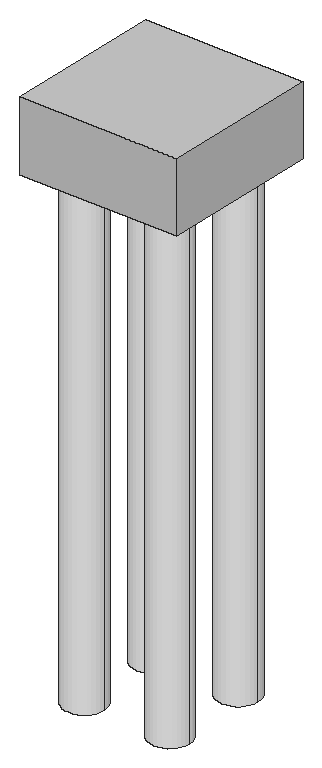
Revit family "347bb1419f464011ae469cafdd5d7e79", category Structural Foundations, Revit 2021
Family settings
  Material for Model Behavior = Concrete
  Cap = No
  OmniClass Number = 23.25.05.11
  OmniClass Title = Foundation Piles
  Seek Item ID = Pile Cap-4 Pile-0000-USA-ENU
  Work Plane-Based = No
  Always vertical = Yes
  Cut with Voids When Loaded = No
  Shared = No
Parameters (values of type "79"x79"x35"")
  Width = 6' - 7"
  Structural Material [instance] = Concrete, Cast-in-Place gray
  Pile Type = Pile-Steel Pipe : 20" Diameter
  Length = 6' - 7"
  Foundation Thickness = 2' - 11"
  Cut-off = 0' - 6"
  Clearance = 1' - 6"
  Assembly Code = "A1010130"
Reference planes (in)
  plane 1 "Center (Front/Back)": y = 0
  plane 2: z = 0
  plane 3 "Center (Left/Right)": x = 0
  plane 4: z = -35
  plane 5: y = 39.5
  plane 6: x = -39.5
  plane 7: x = 39.5
  plane 8: y = -21.5
  plane 9: z = -29
  plane 10: x = -21.5
  plane 11: x = 21.5
  plane 12: y = 21.5
  plane 13: y = -39.5
Forms (in)
  Extrusion 1, solid, material "Concrete, Cast-in-Place gray" <- "Structural Material"
    sketch origin (0, 0, 0) x (1, 0, 0) y (0, 1, 0)
      loop
        line (-39.5, 39.5) -> (-39.5, -39.5) -> (39.5, -39.5) -> (39.5, 39.5) -> (-39.5, 39.5)
    from -35 to 0
Dimensions and locks (in)
  "Foundation Thickness": plane 2 to plane 4
  equal spacing: plane 6, plane 3 "Center (Left/Right)", plane 7  (x2)
  "Width": plane 6 to plane 7
  "Cut-off": plane 4 to plane 9
  "Clearance": plane 6 to plane 10
  "Clearance": plane 11 to plane 7
  "Clearance": plane 12 to plane 5
  "Clearance": plane 13 to plane 8
  "Length": plane 5 to plane 13
  equal spacing: plane 5, plane 1 "Center (Front/Back)", plane 13
  aligned and locked: plane 4 to Extrusion 1
  aligned and locked: level to Extrusion 1
  aligned and locked: plane 12 to nested 1
  aligned and locked: plane 10 to nested 2
  aligned and locked: plane 8 to nested 2
  aligned and locked: plane 11 to nested 3
  aligned and locked: plane 6 to Extrusion 1 sketch curve
  aligned and locked: plane 5 to Extrusion 1 sketch curve
  aligned and locked: plane 13 to Extrusion 1 sketch curve
  aligned and locked: plane 7 to Extrusion 1 sketch curve
  aligned and locked: plane 12 to nested 4
  aligned and locked: plane 10 to nested 1
  aligned and locked: plane 8 to nested 3
  aligned and locked: plane 11 to nested 4
  aligned and locked: plane 9 to nested 1
  aligned and locked: plane 9 to nested 4
  aligned and locked: plane 9 to nested 2
  aligned and locked: plane 9 to nested 3
Nested families (in)
  nested 1: "Pile-Steel Pipe" at (-21.5, 21.5, -35), type <- "Pile Type", type "20" Diameter"
    with Structural Material Steel ASTM A572
  nested 2: "Pile-Steel Pipe" at (-21.5, -21.5, -35), type <- "Pile Type", type "20" Diameter"
    with Structural Material Steel ASTM A572
  nested 3: "Pile-Steel Pipe" at (21.5, -21.5, -35), type <- "Pile Type", type "20" Diameter"
    with Structural Material Steel ASTM A572
  nested 4: "Pile-Steel Pipe" at (21.5, 21.5, -35), type <- "Pile Type", type "20" Diameter"
    with Structural Material Steel ASTM A572
Definition of nested family "Pile-Steel Pipe"
  Parameters (values of type "8" Diameter")
    Structural Material [instance] = none
    Radius = Diameter / 2  # 0' - 4"
    Minimum Embedment = 0' - 6"
    Diameter = 0' - 8"
    Depth = 20' - 0"
    Assembly Code = "A1020130"
  Types (7): name | Radius | Diameter
    (no name) | 0' - 4" | 0' - 8"
    12" Diameter | 0' - 6" | 1' - 0"
    24" Diameter | 1' - 0" | 2' - 0"
    10" Diameter | 0' - 5" | 0' - 10"
    16" Diameter | 0' - 8" | 1' - 4"
    20" Diameter | 0' - 10" | 1' - 8"
    8" Diameter | 0' - 4" | 0' - 8"
  Reference planes (in)
    plane 1 "Center (Front/Back)": y = 0
    plane 2: z = 0
    plane 3 "Center (Left/Right)": x = 0
    plane 4: z = -240
    plane 5: z = 6
  Forms (in)
    Extrusion 1, solid, material <- "Structural Material"
      sketch origin (0, 0, 0) x (1, 0, 0) y (0, 1, 0)
        loop
          circle (0, 0) r 4
      from -240 to 6
  Dimensions and locks (in)
    "Depth": plane 2 to plane 4
    "Minimum Embedment": plane 5 to plane 2
    "Radius": radius of Extrusion 1 sketch curve
    aligned and locked: Extrusion 1 to plane 4
    aligned and locked: Extrusion 1 to plane 5
  Automatic sketch dimensions
    Extrusion 1 sketch curve to plane 1 "Center (Front/Back)" = 0' - 0"
    Extrusion 1 sketch curve to plane 3 "Center (Left/Right)" = 0' - 0"
